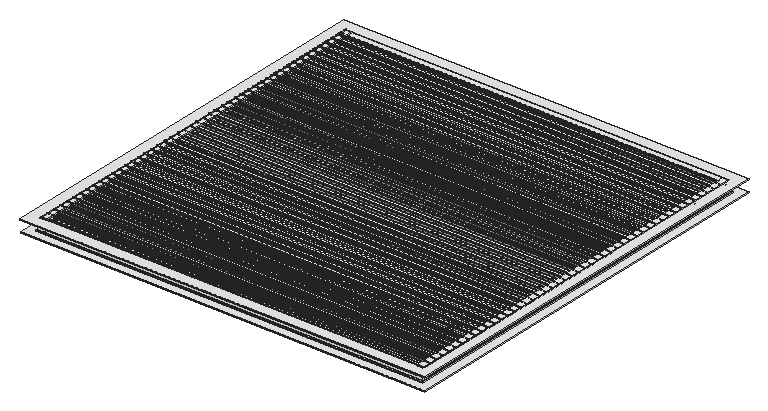
Revit family "NLRS_00_AIR_Muurrooster_ST-415_Storax", category Air Terminals, host Face, Revit 2023
Family settings
  Host = Face
  Round Connector Dimension = Use Diameter
  Part Type = Normal
  Cut with Voids When Loaded = No
  Shared = No
  Room Calculation Point = Yes
Parameters (values of type "ST-415-32")
  ZZZ_Width_Length [instance] = if(RSen_C_width = 0 mm, RSen_C_diameter, RSen_C_width)  # 1000 mm
  ZZZ_Symbol_wall width_Length [instance] = if(RSen_C_width = 0 mm, 1 mm, RSen_C_width)  # 1000 mm
  ZZZ_Symbol_wall depth_Length [instance] = if(RSen_C_depth = 0 mm, 1 mm, RSen_C_depth)  # 33.5 mm
  ZZZ_Symbol_ceiling width_Length [instance] = if(RSen_C_width = 0 mm, 1 mm, RSen_C_width)  # 1000 mm
  ZZZ_Symbol_ceiling height_Length [instance] = if(RSen_C_height = 0 mm, 1 mm, RSen_C_height)  # 1000 mm
  ZZZ_Recess depth_negative_Length = if(1 = 1, -ZZZ_Recess depth_Length, 1 mm)  # -29.5 mm
  ZZZ_Recess depth_Length = 29.5 mm
  ZZZ_Protrusion_Length = 0 mm  # constant formula
  ZZZ_Profile_width_Length [instance] = ZZZ_Width_Length - ZZZ_Flange_offset_Length * 2  # 947 mm
  ZZZ_Profile top_offset_Length = 73 mm
  ZZZ_Profile middle_offset_Length = 20 mm
  ZZZ_Profile middle_amount__Integer [instance] = if(ZZZ_Profile middle_amount_Integer < 2, 2, ZZZ_Profile middle_amount_Integer)  # 44
  ZZZ_Profile middle_amount_Integer [instance] = (ZZZ_Height_Length - ZZZ_Profile top_offset_Length - ZZZ_Profile middle_offset_Length - ZZZ_Flange_offset_Length) / ZZZ_Profile middle_offset_Length  # 44
  ZZZ_Profile bottom_minimum height_Length = 42 mm
  ZZZ_Profile bottom_height_Length [instance] = if((ZZZ_Height_Length - ZZZ_Profile top_offset_Length - ZZZ_Profile middle_offset_Length * ZZZ_Profile middle_amount_Integer - ZZZ_Flange_offset_Length) < ZZZ_Profile bottom_minimum height_Length, ZZZ_Profile bottom_minimum height_Length, ZZZ_Height_Length - ZZZ_Profile top_offset_Length - ZZZ_Profile middle_offset_Length * ZZZ_Profile middle_amount_Integer - ZZZ_Flange_offset_Length)  # 42 mm
  ZZZ_Mounting space_Length [instance] = 1 mm
  ZZZ_Louvre_insertion point_Length = 4.5 mm
  ZZZ_Louvre_insertion point negative_Length = if(1 = 1, -ZZZ_Louvre_insertion point_Length, 1 mm)  # -4.5 mm
  ZZZ_Height_Length [instance] = if(RSen_C_height = 0 mm, RSen_C_diameter, RSen_C_height)  # 1000 mm
  ZZZ_Half width negative_Length [instance] = if(RSen_C_width = 0 mm, -RSen_C_diameter / 2, -RSen_C_width / 2)  # -500 mm
  ZZZ_Half height negative_Length [instance] = if(RSen_C_height = 0 mm, -RSen_C_diameter / 2, -RSen_C_height / 2)  # -500 mm
  ZZZ_Flange_thickness__Length [instance] = if(ZZZ_Flange_thickness_Length < 1 mm, 1 mm, ZZZ_Flange_thickness_Length)  # 24 mm
  ZZZ_Flange_thickness_Length [instance] = 24 mm
  ZZZ_Flange_offset_Length = 26.5 mm
  ZZZ_Flange_FamilyType_Air Terminals = GEO_flange_renson 32 : standard
  ZZZ_Depth_Length = if(1 = 1, RSen_C_depth, 1 mm)  # 33.5 mm
  ZZZ_Depth negative_Length = if(1 = 1, -RSen_C_depth, 1 mm)  # -33.5 mm
  ZZZ_Cut out_width__Length [instance] = 958 mm
  ZZZ_Cut out_width_Length [instance] = if(STX_I Glazed in, RSen_C_width - STX_I Flange_height * 2, RSen_C_width + ZZZ_Mounting space_Length * 2)  # 958 mm
  ZZZ_Cut out_radius_Length [instance] = 1 mm
  ZZZ_Cut out_height__Length [instance] = 958 mm
  ZZZ_Cut out_height_Length [instance] = if(STX_I Glazed in, RSen_C_height - STX_I Flange_height * 2, RSen_C_height + ZZZ_Mounting space_Length * 2)  # 958 mm
  ZZZ_Cut out_diameter_Length [instance] = if(STX_I Glazed in, RSen_C_diameter - STX_I Flange_height * 2, RSen_C_diameter + ZZZ_Mounting space_Length * 2)  # -42 mm
  ZZZ_Cut out_depth_Length = 500 mm
  ZZZ_Cut out_depth negative_Length = -500 mm
  ZZZ_Backframe_depth_Length [instance] = if(abs(ZZZ_Backframe_Z coordinate_Length) < 28 mm, 27 mm, 54 mm)  # 27 mm
  ZZZ_Backframe_Z coordinate_Length [instance] = -4 mm
  ZZZ_Airflow_surface_Area [instance] = if(RSen_C_diameter < 1 mm, RSen_C_height * RSen_C_width, (pi() * RSen_C_diameter ^ 2) / 4)  # 1.00 m²
  ZZZ_Airflow_HVACAirflow = 1.0 m³/h  # constant formula
  Type IFC Predefined Type = "Grille"
  RSen_M_c01_flow_rate [instance] = if(STX_V Supply air, STX_I Airflow_intake by K factor, STX_I Airflow_discharge by K factor)  # 418.277 m³/h
  RSen_C_width [instance] = if(STX_V Width < STX_I Width_min, STX_I Width_min, if(STX_I Width_max < 1 mm, STX_V Width, if(STX_V Width > STX_I Width_max, STX_I Width_max, STX_V Width)))  # 1000 mm
  RSen_C_type_comments = "glazed-in louvre"
  RSen_C_type = "glazed-in louvre"
  RSen_C_model = "ST-415-32"
  RSen_C_material = RSen_h4_aluminum
  RSen_C_height [instance] = if(STX_V Height < STX_I Height_min, STX_I Height_min, if(STX_I Height_max < 1 mm, STX_V Height, if(STX_V Height > STX_I Height_max, STX_I Height_max, STX_V Height)))  # 1000 mm
  RSen_C_diameter [instance] = 0 mm
  RSen_C_description = "ST-415-32"
  RSen_C_depth = 33.5 mm
  RSen_C_code_gtin = "-"
  RSen_C_code_article = "ST-415-32"
  RSen_C_code_ETIM_URL = ""
  RSen_C_code_ETIM = "Overstroomrooster"  # constant formula
  RSen_C_code_CBNL = "Louvre"  # constant formula
  STX_W Fingerprint = "<RSen_C_length> x <RSen_C_height> mm"
  STX_V Width [instance] = 1000 mm
  STX_V Water channel [instance] = no
  STX_V Supply air = yes
  STX_V insect mesh [instance] = yes
  STX_V Mesh [instance] = NLRS_00_GM_Gaas_Storax : Insectengaas 2.3x2.3mm
  STX_V Air exhaust = not(STX_V Supply air)  # no
  STX_V Pressure drop [instance] = 1.0 Pa
  STX_V Height [instance] = 1000 mm
  STX_I Without flange_info = "no"
  STX_I Without flange = no
  STX_I Width_min = 130 mm
  STX_I Width_max = 4000 mm
  STX_I Water channel = yes
  STX_I U-value = "-"
  STX_I Sound reduction_Rw = "-"
  STX_I Sound reduction_Dw = "-"
  STX_I Size_maximum = "see price list"
  STX_I Size maximum_info [instance] = ""
  STX_I Removable insect mesh_info = "Min. dimensions: 190x190 mm; Max. dimensions: 1500x1200 mm"  # constant formula
  STX_I Removable insect mesh = yes
  STX_I Puncture proof = yes
  STX_I Glazed in = yes
  STX_I Flange_thickness = 24 mm
  STX_I Flange_thickness max = 32 mm
  STX_I Backframe = no
  STX_I Air flow [instance] = if(STX_V Supply air, "supply", "exhaust")  # "supply"
  STX_I Visual free area = 0.57
  STX_I Zichtbaar vrije opp. = 0.26
  STX_I Width with flange [instance] = if(STX_I Glazed in, ZZZ_Width_Length - STX_I Flange_height * 2, ZZZ_Width_Length + STX_I Flange_height * 2)  # 958 mm
  STX_I Material = "aluminiumAlMgSi0.5"
  STX_I K factor_intake = 123.46
  STX_I K factor_discharge = 118.15
  STX_I IP = "IP2XD"
  STX_I Height_min = 130 mm
  STX_I Height_max = 4000 mm
  STX_I G4 filter = yes
  STX_I Shape = "rectangular"
  STX_I Fire resistance = "-"
  STX_I Drainage profile = yes
  STX_I Diameter_min = 0 mm
  STX_I Diameter_max = 0 mm
  STX_I Depth_min = 0 mm
  STX_I Depth_max = 0 mm
  STX_I Control = "-"
  STX_I Ce coefficient_intake = 0.09
  STX_I Cd coefficient_discharge = 0.092
  STX_I Burglarproof_RC class = "-"
  STX_I Blade_type = "L.033.08"
  STX_I Blade_pitch = 33.3 mm
  STX_I Blade_shape = "S"
  STX_I Backframe_min wall thickness = 0 mm
  STX_I Backframe_max wall thickness = 0 mm
  STX_I Assembly = ""
  STX_I Colour = ""
  STX_I BaseKeynote = "57.10.90.1"  # constant formula
  STX_I Height with flange [instance] = if(STX_I Glazed in, ZZZ_Height_Length - STX_I Flange_height * 2, ZZZ_Height_Length + STX_I Flange_height * 2)  # 958 mm
  STX_I Airflow_intake by K factor [instance] = ((ZZZ_Airflow_surface_Area / 1.00 m²) * ((sqrt((2.0 Pa * STX_V Pressure drop) / (1.2 * STX_I K factor_intake))) / 1.0 Pa)) * 3600.0 m³/h  # 418.277 m³/h
  STX_I Airflow_discharge by K factor [instance] = ((ZZZ_Airflow_surface_Area / 1.00 m²) * ((sqrt((2.0 Pa * STX_V Pressure drop) / (1.2 * STX_I K factor_discharge))) / 1.0 Pa)) * 3600.0 m³/h  # 427.573 m³/h
  STX_I Flange_thickness min = 24 mm
  STX_I Flange_height = 21 mm
  URL = "https://www.storax.nl/producten/renson-ventilatieroosters/st-415-39/"
  Type Comments = RSen_C_type_comments  # "glazed-in louvre"
  Model = RSen_C_model  # "ST-415-32"
  Manufacturer = "Storax"  # constant formula
  IfcExportType = "Grille"  # constant formula
  IfcExportAs = "IfcAirTerminalType"  # constant formula
  Export Type to IFC As = "IfcAirTerminalType"
  Description = RSen_C_description  # "ST-415-32"
  Default Elevation = 1219.2 mm
  Based on = "Renson"  # constant formula
  Assembly Code = "57.10.90.1"
  Apparent Load = 0 VA
Reference planes
  plane 1 "Center (Front/Back)": y = 0
  plane 2: z = 0
  plane 3 "Center (Left/Right)": x = 0
  plane 4: y = 479
  plane 5: y = -479
  plane 6: x = -479
  plane 7: x = 479
  plane 8: x = -500
  plane 9: x = 500
  plane 10: y = -500
  plane 11: y = 500
  plane 12: z = 4
  plane 13: z = -29.5
  plane 14: x = 473.5
  plane 15: x = -473.5
  plane 16: y = 473.5
  plane 17: y = -473.5
  plane 18: y = 427
Forms (mm)
  Extrusion 1, solid, not visible, detail levels coarse
    sketch origin (-5, 0, 4) x (0, -1, 0) y (1, 0, 0)
      loop
        line (-500, -495) -> (500, -495) -> (500, 505) -> (-500, 505) -> (-500, -495)
    from 0 to -33.5 <- "ZZZ_Depth negative_Length"
Dimensions and locks
  equal spacing: plane 6, plane 3 "Center (Left/Right)", plane 7
  "STX_I Width with flange": plane 6 to plane 7
  equal spacing: plane 5, plane 1 "Center (Front/Back)", plane 4
  "STX_I Height with flange": plane 4 to plane 5
  equal spacing: plane 8, plane 3 "Center (Left/Right)", plane 9
  "ZZZ_Width_Length": plane 8 to plane 9
  equal spacing: plane 11, plane 1 "Center (Front/Back)", plane 10
  "ZZZ_Height_Length": plane 11 to plane 10
  "RSen_C_depth": plane 12 to plane 13
  "ZZZ_Recess depth_Length": host face to plane 13
  "ZZZ_Flange_offset_Length": plane 14 to plane 9
  "ZZZ_Flange_offset_Length": plane 8 to plane 15
  "ZZZ_Flange_offset_Length": plane 11 to plane 16
  "ZZZ_Flange_offset_Length": plane 17 to plane 10
  "ZZZ_Profile top_offset_Length": plane 11 to plane 18
  plane 9 to nested 3 = 26.5 mm
  plane 9 to plane 14 = 26.5 mm
  nested 5 to nested 1 = 0.05 mm
  aligned and locked: plane 2 to host face
  aligned and locked: level to host face
  aligned and locked: Extrusion 1 sketch curve to plane 10
  aligned and locked: Extrusion 1 sketch curve to plane 9
  aligned and locked: Extrusion 1 sketch curve to plane 11
  aligned and locked: Extrusion 1 sketch curve to plane 8
  aligned and locked: nested 2 to plane 3 "Center (Left/Right)"
  aligned and locked: nested 2 to plane 1 "Center (Front/Back)"
  aligned and locked: plane 3 "Center (Left/Right)" to nested 3
  aligned and locked: plane 1 "Center (Front/Back)" to nested 3
  aligned and locked: plane 3 "Center (Left/Right)" to nested 5
  aligned and locked: plane 1 "Center (Front/Back)" to nested 5
Automatic sketch dimensions
  host sketch curve to host sketch curve = 2438.4 mm  (x2)
Nested families
  nested 1: "GEO_flange_renson 32" at (0, 0, 4), type <- "ZZZ_Flange_FamilyType_Air Terminals", WT_V Flange_thickness <- "ZZZ_Flange_thickness__Length", REN_V Height <- "RSen_C_height", REN_V Depth <- "RSen_C_depth", REN_V Width <- "RSen_C_width", REN_V Diameter <- "RSen_C_diameter", REN_V Material_01 <- "RSen_C_material", type "standard"
    with WT_V Flange_thickness 24 mm, WT_H Width 1000 mm, WT_H Round no, WT_H Rectangular yes, WT_H Radius 2 mm, WT_H Inner width 920 mm, WT_H Inner radius_02 1 mm, WT_H Inner radius 1 mm, WT_H Inner height 920 mm, WT_H Height 1000 mm, WT_H Depth 33.5 mm, REN_V Width 1000 mm, REN_V Material_01 RSen_h4_aluminum, REN_V Height 1000 mm, REN_V Diameter 0 mm, REN_V Depth 33.5 mm
  nested 2: "NLRS_00_GM_Gaas_Storax" at (-500, 500, -53.8) x (0, -1, 0) z (1, 0, 0), Height <- "STX_V Width", Width <- "STX_V Height", visible <- "STX_V insect mesh", type <- "STX_V Mesh", type "Insectengaas 2.3x2.3mm"
    with Width 1000 mm, Offset_Gaas_Top_Sides 32 mm, Offset_Gaas_Bottom 32 mm, Height 1000 mm
  nested 3: "NLRS_00_GM_Stormrooster_Storax" at (111.1, 0, -11) x (1, 0, 0) z (0, 0, -1), Height <- "STX_V Height", Width <- "STX_V Width", materials <- "RSen_C_material", type "Type 1"
    with materials RSen_h4_aluminum, Width 1000 mm, Height 1000 mm, Offset Frame 26.5 mm
  nested 4: "GEO_louvre_renson V-lamellen" at (0, 0, 4), WT_H Profile top_offset <- "ZZZ_Profile top_offset_Length", WT_H Profile middle_offset <- "ZZZ_Profile middle_offset_Length", WT_H Profile bottom_minimum height <- "ZZZ_Profile bottom_minimum height_Length", REN_V Width <- "RSen_C_width", REN_V Height <- "RSen_C_height", REN_V Diameter <- "RSen_C_diameter", REN_H Flange_offset <- "ZZZ_Flange_offset_Length", REN_V Material_01 <- "RSen_C_material", type "standard"
    with WT_H Width 947 mm, WT_H Round no, WT_H Remaining height 3.2 mm, WT_H Rectangular yes, WT_H Radius 2 mm, WT_H R1 -26.5 mm, WT_H Profile top_offset 73 mm, WT_H Profile middle_single no, WT_H Profile middle_offset 20 mm, WT_H Profile middle_multiple yes, WT_H Profile middle_amount_ 47, WT_H Profile middle_amount 47, WT_H Profile bottom_minimum height 42 mm, WT_H Profile bottom_height 42 mm, WT_H L3 997 mm, WT_H L2 1050 mm, WT_H L1 10 mm, WT_H Height 1000 mm, WT_H Depth 78 mm, REN_V Width 1000 mm, REN_V Material_01 RSen_h4_aluminum, REN_V Height 1000 mm, REN_V Diameter 0 mm, REN_V Depth 78 mm, REN_H Flange_offset 26.5 mm
  nested 5: "water channel - SH_renson" at (0, 0, -29.5), REN_V Width <- "STX_V Width", REN_V Height <- "STX_V Height", REN_V Material_01 <- "RSen_C_material", visible <- "STX_V Water channel", type "water channel_renson"
    with ZZZ_Width_Length 946.8 mm, ZZZ_Round_YesNo no, ZZZ_Rectangular_YesNo yes, ZZZ_Radius_Length 2 mm, ZZZ_Height_Length 1000 mm, RSen_C_width 1000 mm, RSen_C_height 1000 mm, RSen_C_diameter 0 mm, REN_V Width 1000 mm, REN_V Material_01 RSen_h4_aluminum, REN_V Height 1000 mm, REN_V Diameter 0 mm, REN_V Depth 0 mm, REN_H Flange_offset 26.6 mm
Definition of nested family "GEO_flange_renson 32"
  Parameters (values of type "standard")
    WT_V Flange_thickness [instance] = 32 mm
    REN_V Material_01 [instance] = none
    REN_V Width [instance] = 200 mm
    REN_V Height [instance] = 200 mm
    WT_H Round [instance] = not(WT_H Rectangular)  # no
    WT_H Rectangular [instance] = and(REN_V Width > 0 mm, WT_H Height > 0 mm)  # yes
    WT_H Width [instance] = if(REN_V Width = 0 mm, 2 mm, REN_V Width)  # 200 mm
    REN_V Depth [instance] = 86.5 mm
    REN_V Diameter [instance] = 0 mm
    WT_V Flange_height = 40 mm
    WT_H Height [instance] = if(REN_V Height = 0 mm, 2 mm, REN_V Height)  # 200 mm
    WT_H Inner radius_02 [instance] = if(WT_H Inner radius - WT_V Flange_thickness < 1 mm, 1 mm, WT_H Inner radius - WT_V Flange_thickness)  # 1 mm
    WT_H Inner radius [instance] = if(WT_H Radius - WT_V Flange_height < 1 mm, 1 mm, WT_H Radius - WT_V Flange_height)  # 1 mm
    WT_H Inner width [instance] = if(WT_H Width - WT_V Flange_height * 2 < 1 mm, 1 mm, WT_H Width - WT_V Flange_height * 2)  # 120 mm
    WT_H Inner height [instance] = if(WT_H Height - WT_V Flange_height * 2 < 1 mm, 1 mm, WT_H Height - WT_V Flange_height * 2)  # 120 mm
    WT_H Radius [instance] = if(REN_V Diameter = 0 mm, 2 mm, REN_V Diameter / 2)  # 2 mm
    WT_H Depth [instance] = if(REN_V Depth = 0 mm, 1 mm, REN_V Depth)  # 86.5 mm
    Default Elevation = 2500 mm
  Reference planes
    plane 1 "Center (Front/Back)": y = 0
    plane 2: z = 0
    plane 3 "Center (Left/Right)": x = 0
    plane 4 "top": z = -86.5
    plane 5 "left": x = -60
    plane 6 "right": x = 60
    plane 7: x = -100
    plane 8: x = 100
    plane 9 "back": y = 60
    plane 10 "front": y = -60
    plane 11: y = 100
    plane 12: y = -100
    plane 13: z = -32
  Forms (mm)
    Extrusion 1, solid
      sketch origin (0, 0, 0) x (1, 0, 0) y (0, 1, 0)
        loop
          line (-1219.2, 1219.2) -> (-1219.2, -1219.2) -> (1219.2, -1219.2) -> (1219.2, 1219.2) -> (-1219.2, 1219.2)
      from 0 to -304.8
    Sweep 2, solid, material <- "REN_V Material_01"
      path origin (0, 0, 0) x (1, 0, 0) y (0, 1, 0)
        loop
          line (-100, 100) -> (-100, -100) -> (100, -100) -> (100, 100) -> (-100, 100)
      profile "PRF_profile - flange - gl - 1_renson : standaard" origin (0, 100, 0) x (0, 1, 0) y (0, 0, 1)
        loop
          line (-21, -5.5) -> (-21, -2) -> (0, -2) -> (0, 0) -> (-26.55, 0) -> (-26.55, -27) -> (-40.05, -27) -> (-40.05, -28.5) -> (-32.05, -28.5) -> (-32.05, -32)
          arc (-32.05, -32) -> (-30.55, -32.866) -> (-30.55, -31.134) r 1
          line (-30.55, -31.134) -> (-30.55, -28.5) -> (-26.55, -28.5) -> (-26.55, -33.5) -> (-24.55, -33.5) -> (-24.55, -32) -> (0, -32) -> (0, -30) -> (-21, -30) -> (-21, -26.5) -> (-22.5, -26.5) -> (-22.5, -30) -> (-24.55, -30) -> (-24.55, -2) -> (-22.5, -2) -> (-22.5, -5.5) -> (-21, -5.5)
  Dimensions and locks
    equal spacing: plane 7, plane 3 "Center (Left/Right)", plane 8
    "WT_H Width": plane 7 to plane 8
    equal spacing: plane 5 "left", plane 3 "Center (Left/Right)", plane 6 "right"
    "WT_H Inner width": plane 5 "left" to plane 6 "right"
    equal spacing: plane 11, plane 1 "Center (Front/Back)", plane 12
    equal spacing: plane 9 "back", plane 1 "Center (Front/Back)", plane 10 "front"
    "WT_H Height": plane 12 to plane 11
    "WT_H Inner height": plane 10 "front" to plane 9 "back"
    "WT_H Depth": level to plane 4 "top"
    aligned and locked: plane 2 to Extrusion 1
    aligned and locked: level to Extrusion 1
    aligned and locked: plane 11 to Sweep 2 sketch curve
    aligned and locked: Sweep 2 sketch curve to plane 12
    aligned and locked: Sweep 2 sketch curve to plane 8
    aligned and locked: plane 7 to Sweep 2 sketch curve
  Automatic sketch dimensions
    Extrusion 1 sketch curve to Extrusion 1 sketch curve = 2438.4 mm  (x2)
Definition of nested family "NLRS_00_GM_Gaas_Storax"
  Parameters (values of type "Leeg")
    Width [instance] = 1011.1 mm
    Offset_Gaas_Top_Sides [instance] = 5.5 mm
    Offset_Gaas_Bottom [instance] = 5.5 mm
    Muis/vogelwerend (6x6mm) = no
    Muis/vogelwerend (10x10mm) = no
    Insectengaas (2,3x2,3mm) = no
    Height [instance] = 1011.1 mm
    Type Comments = ""
    Default Elevation = 1219.2 mm
  Types (4, lengths in mm): name | Width | Offset_Gaas_Top_Sides | Muis/vogelwerend (6x6mm) | Muis/vogelwerend (10x10mm) | Insectengaas (2,3x2,3mm) | Height
    Insectengaas 2.3x2.3mm | 1011.1 | 5.5 | no | no | yes | 1011.1
    Muis/Vogelwerend 10x10mm | 1600 | 5.5 | no | yes | no | 1600
    Muis/vogelwerend 6x6mm | 1800 | 10 | yes | no | no | 1800
    Leeg | 1011.1 | 5.5 | no | no | no | 1011.1
  Reference planes
    plane 1 "Center (Front/Back)": y = 0
    plane 2 "Bottom": z = 0
    plane 3 "Left": x = 0
    plane 4 "Right": x = 1011.1
    plane 5: x = 505.55
    plane 6: z = 23.971
    plane 7: z = 23.971
    plane 8: z = 23.971
    plane 9: x = 5.5
    plane 10: x = 1005.6
    plane 11: z = 1011.1
    plane 12: z = 1005.6
    plane 13: z = 5.5
    plane 14: z = 505.55
  Forms (mm)
    Extrusion 1, solid, visible <- "Insectengaas (2,3x2,3mm)"
      sketch origin (0, 0, 0) x (1, 0, 0) y (0, 1, 0)
        loop
          line (5.5, -28.5) -> (5.5, -29.3) -> (1005.6, -29.3) -> (1005.6, -28.5) -> (5.5, -28.5)
      from 5.5 to 1005.6
    Extrusion 2, solid, visible <- "Muis/vogelwerend (10x10mm)"
      sketch origin (0, 0, 0) x (1, 0, 0) y (0, 1, 0)
        loop
          line (5.5, -28.5) -> (5.5, -29.3) -> (1005.6, -29.3) -> (1005.6, -28.5) -> (5.5, -28.5)
      from 5.5 to 1005.6
    Extrusion 3, solid, visible <- "Muis/vogelwerend (6x6mm)"
      sketch origin (0, 0, 0) x (1, 0, 0) y (0, 1, 0)
        loop
          line (5.5, -28.5) -> (5.5, -29.3) -> (1005.6, -29.3) -> (1005.6, -28.5) -> (5.5, -28.5)
      from 5.5 to 1005.6
  Dimensions and locks
    "Width": plane 4 "Right" to plane 3 "Left"
    equal spacing: plane 3 "Left", plane 5, plane 4 "Right"
    plane 4 "Right" to plane 3 "Left" = 1011.1 mm
    plane 3 "Left" to plane 9 = 5.5 mm
    plane 10 to plane 4 "Right" = 5.5 mm
    "Offset_Gaas_Top_Sides": plane 10 to plane 4 "Right"
    "Offset_Gaas_Top_Sides": plane 9 to plane 3 "Left"
    "Offset_Gaas_Top_Sides": plane 12 to plane 11
    "Offset_Gaas_Bottom": plane 13 to level
    plane 3 "Left" to plane 4 "Right" = 1011.1 mm
    "Height": plane 11 to level
    equal spacing: plane 11, plane 14, level
    aligned and locked: plane 10 to Extrusion 1 sketch curve
    aligned and locked: Extrusion 1 to plane 9
    aligned and locked: Extrusion 1 to plane 10
    aligned and locked: Extrusion 3 to plane 12
    aligned and locked: Extrusion 1 to plane 12
    aligned and locked: Extrusion 2 to plane 12
    aligned and locked: Extrusion 3 to plane 13
    aligned and locked: Extrusion 2 to plane 13
    aligned and locked: Extrusion 1 to plane 13
  Automatic sketch dimensions
    plane 1 "Center (Front/Back)" to Extrusion 1 sketch curve = 29.3 mm
    Extrusion 1 sketch curve to Extrusion 1 sketch curve = 0.8 mm
    plane 9 to Extrusion 1 sketch curve = 0 mm
    Extrusion 2 sketch curve to plane 9 = 0 mm
    Extrusion 2 sketch curve to plane 10 = 0 mm
    plane 1 "Center (Front/Back)" to Extrusion 2 sketch curve = 29.3 mm
    Extrusion 2 sketch curve to Extrusion 2 sketch curve = 0.8 mm
    Extrusion 3 sketch curve to plane 9 = 0 mm
    Extrusion 3 sketch curve to plane 10 = 0 mm
    plane 1 "Center (Front/Back)" to Extrusion 3 sketch curve = 29.3 mm
    Extrusion 3 sketch curve to Extrusion 3 sketch curve = 0.8 mm
  Nested families
    nested 1: "NLRS_00_GM_P-02015" at (600, -23.5, -9.315), type "Type 1", not visible
      with Width 1788.9 mm, Length 500 mm
    nested 2: "NLRS_00_GM_P-02016" at (600, -23.5, -9.315), type "Type 1", not visible
      with Width 1788.9 mm, Length 500 mm
    nested 3: "NLRS_00_GM_P-02016" at (900, -23.5, -9.315), type "Type 1", not visible
      with Width 1800 mm, Length 500 mm
  Definition of nested family "NLRS_00_GM_P-02015"
    Parameters (values of type "Type 1")
      Width [instance] = 900 mm
      Material and Finish = none
      Length [instance] = 500 mm
      Default Elevation = 0 mm
      Connector width = 232.51 mm
    Reference planes
      plane 1 "Center (Front/Back)": y = 0
      plane 2: z = 0
      plane 3 "Center (Left/Right)": x = 0
      plane 4: x = -450
      plane 5: x = 450
    Forms (mm)
      Sweep 1, solid
        path origin (0, 0, 0) x (1, 0, 0) y (0, 1, 0)
          loop
            line (450, 0) -> (-450, 0)
        profile "NLRS_00_PRF_P-02015 : NLRS_00_PRF_P-02015" origin (0, 0, 0) x (0, -1, 0) y (0, 0, 1)
          loop
            arc (-1.872, 30.263) -> (-1.366, 32.09) -> (-1.057, 33.961) r 17.9
            arc (-1.057, 33.961) -> (-0.275, 34.336) -> (0, 35.159) r 1.112
            line (0, 35.159) -> (0, 36.005)
            arc (0, 36.005) -> (-0.329, 36.747) -> (-1.1, 37) r 1
            line (-1.1, 37) -> (-1.1, 35.127) -> (-2.067, 35.127)
            arc (-2.067, 35.127) -> (-2.521, 31.978) -> (-3.561, 28.971) r 16.8
            arc (-3.561, 28.971) -> (-3.358, 28.683) -> (-3.087, 28.909) r 0.24
            arc (-3.087, 28.909) -> (-1.802, 29.095) -> (-1.1, 28.003) r 1.2
            line (-1.1, 28.003) -> (-1.1, 26.263)
            arc (-1.1, 26.263) -> (-1.22, 25.788) -> (-1.551, 25.427) r 1
            line (-1.551, 25.427) -> (-19.949, 13.333)
            arc (-19.949, 13.333) -> (-20.28, 12.972) -> (-20.4, 12.497) r 1
            line (-20.4, 12.497) -> (-20.4, 7.145) -> (-19.15, 7.145) -> (-19.15, 12.584) -> (-16.751, 13.947) -> (-16.751, 11.321)
            arc (-16.751, 11.321) -> (-15.216, 12.545) -> (-14.767, 14.456) r 3
            arc (-14.767, 14.456) -> (-14.629, 15.253) -> (-14.098, 15.862) r 1.5
            line (-14.098, 15.862) -> (-0.946, 24.508)
            arc (-0.946, 24.508) -> (-0.252, 25.266) -> (0, 26.263) r 2.1
            line (0, 26.263) -> (0, 28.003)
            arc (0, 28.003) -> (-0.529, 29.47) -> (-1.872, 30.263) r 2.3
    Dimensions and locks
      equal spacing: plane 5, plane 3 "Center (Left/Right)", plane 4
      "Width": plane 5 to plane 4
      aligned and locked: level to plane 2
      aligned and locked: plane 4 to Sweep 1 sketch curve
      aligned and locked: plane 5 to Sweep 1 sketch curve
    Automatic sketch dimensions
      plane 1 "Center (Front/Back)" to Sweep 1 sketch curve = 0 mm
  Definition of nested family "NLRS_00_GM_P-02016"
    Parameters (values of type "Type 1")
      Width [instance] = 900 mm
      Material and Finish = none
      Length [instance] = 500 mm
      Default Elevation = 0 mm
      Connector width = 232.51 mm
    Reference planes
      plane 1 "Center (Front/Back)": y = 0
      plane 2: z = 0
      plane 3 "Center (Left/Right)": x = 0
      plane 4: x = -450
      plane 5: x = 450
    Forms (mm)
      Sweep 1, solid
        path origin (0, 0, 0) x (1, 0, 0) y (0, 1, 0)
          loop
            line (450, 0) -> (-450, 0)
        profile "NLRS_00_PRF_P-02016 : NLRS_00_PRF_P-02016" origin (0, 0, 0) x (0, -1, 0) y (0, 0, 1)
          loop
            arc (-1.872, 30.263) -> (-1.366, 32.09) -> (-1.057, 33.961) r 17.9
            arc (-1.057, 33.961) -> (-0.275, 34.336) -> (0, 35.159) r 1.112
            line (0, 35.159) -> (0, 36.005)
            arc (0, 36.005) -> (-0.329, 36.747) -> (-1.1, 37) r 1
            line (-1.1, 37) -> (-1.1, 35.127) -> (-2.067, 35.127)
            arc (-2.067, 35.127) -> (-2.474, 32.178) -> (-3.395, 29.348) r 16.8
            arc (-3.395, 29.348) -> (-3.216, 28.913) -> (-2.784, 29.101) r 0.329
            arc (-2.784, 29.101) -> (-1.645, 29.008) -> (-1.1, 28.003) r 1.2
            line (-1.1, 28.003) -> (-1.1, 26.263)
            arc (-1.1, 26.263) -> (-1.22, 25.788) -> (-1.551, 25.427) r 1
            line (-1.551, 25.427) -> (-19.949, 13.333)
            arc (-19.949, 13.333) -> (-20.28, 12.972) -> (-20.4, 12.497) r 1
            line (-20.4, 12.497) -> (-20.4, -0.914) -> (-19.407, -1.488) -> (-19.407, -12.499) -> (-18.802, -11.894) -> (-18.033, -10.244)
            arc (-18.033, -10.244) -> (-17.965, -9.797) -> (-18.15, -9.385) r 0.8
            line (-18.15, -9.385) -> (-18.15, -1.289)
            arc (-18.15, -1.289) -> (-18.443, -0.582) -> (-19.15, -0.289) r 1
            line (-19.15, -0.289) -> (-19.15, 12.584) -> (-16.751, 13.947) -> (-16.751, 11.321)
            arc (-16.751, 11.321) -> (-15.216, 12.545) -> (-14.767, 14.456) r 3
            arc (-14.767, 14.456) -> (-14.629, 15.253) -> (-14.098, 15.862) r 1.5
            line (-14.098, 15.862) -> (-0.946, 24.508)
            arc (-0.946, 24.508) -> (-0.252, 25.266) -> (0, 26.263) r 2.1
            line (0, 26.263) -> (0, 28.003)
            arc (0, 28.003) -> (-0.529, 29.47) -> (-1.872, 30.263) r 2.3
    Dimensions and locks
      equal spacing: plane 5, plane 3 "Center (Left/Right)", plane 4
      "Width": plane 5 to plane 4
      aligned and locked: level to plane 2
      aligned and locked: plane 4 to Sweep 1 sketch curve
      aligned and locked: plane 5 to Sweep 1 sketch curve
    Automatic sketch dimensions
      plane 1 "Center (Front/Back)" to Sweep 1 sketch curve = 0 mm
Definition of nested family "NLRS_00_GM_Stormrooster_Storax"
  Parameters (values of type "Type 1")
    materials [instance] = none
    Width [instance] = 1000 mm
    Offset Frame = 5.5 mm
    Height [instance] = 1000 mm
    Type Comments = ""
    Default Elevation = 1219.2 mm
  Reference planes
    plane 1 "Center (Front/Back)": y = 0
    plane 2 "Bottom": z = 0
    plane 3 "Left": x = -111.1
    plane 4: y = 500
    plane 5: y = -500
    plane 6: x = -611.1
    plane 7: x = 388.9
    plane 8: x = 383.4
    plane 9: y = 494.5
    plane 10: x = -605.6
    plane 11: y = -494.5
    plane 12: x = 238.9
  Forms (mm)
    Sweep 1, solid, material <- "materials"
      path origin (0, 0, 0) x (1, 0, 0) y (0, 1, 0)
        loop
          line (-605.6, -494.5) -> (-605.6, 494.5)
      profile "PRF_profile Hoeklijn : Type 1" origin (-605.6, 0, 0) x (-1, 0, 0) y (0, 0, 1)
        loop
          line (0, -15) -> (0, 0) -> (-1.5, 0) -> (-1.5, -13.5) -> (-15, -13.5) -> (-15, -15) -> (0, -15)
    Sweep 2, solid, material <- "materials"
      path origin (-222.2, 0, 0) x (-1, 0, 0) y (0, -1, 0)
        loop
          line (-605.6, 494.5) -> (-605.6, -494.5)
      profile "PRF_profile Hoeklijn : Type 1" origin (383.4, 0, 0) x (-1, 0, 0) y (0, 0, 1)
        loop
          line (0, -15) -> (15, -15) -> (15, -13.5) -> (1.5, -13.5) -> (1.5, 0) -> (0, 0) -> (0, -15)
  Dimensions and locks
    equal spacing: plane 4, plane 1 "Center (Front/Back)", plane 5
    "Height": plane 4 to plane 5
    "Width": plane 6 to plane 7
    equal spacing: plane 6, plane 3 "Left", plane 7
    "Offset Frame": plane 6 to plane 10
    "Offset Frame": plane 11 to plane 5
    "Offset Frame": plane 8 to plane 7
    "Offset Frame": plane 4 to plane 9
    plane 12 to plane 7 = 150 mm
    aligned and locked: Sweep 1 to plane 10
    aligned and locked: Sweep 2 to plane 8
  Automatic sketch dimensions
    Sweep 1 sketch curve to plane 9 = 0 mm
    Sweep 1 sketch curve to plane 10 = 0 mm
    Sweep 1 sketch curve to plane 11 = 0 mm
    Sweep 2 sketch curve to plane 8 = 0 mm
    Sweep 2 sketch curve to plane 9 = 0 mm
    Sweep 2 sketch curve to plane 11 = 0 mm
  Nested families
    nested 1: "NLRS_21_GM_Muuranker" at (-361.1, 481.5, 0) x (1, 0, 0) z (0, 0, -1), type "Muuranker nr. 1428", not visible
      with void 20 mm, breedte 15 mm
  Definition of nested family "NLRS_21_GM_Muuranker"
    Parameters (values of type "Muuranker nr.429")
      void [instance] = if(breedte = 34 mm, 0 mm, 20 mm)  # 20 mm
      breedte [instance] = 15 mm  # constant formula
      Muuranker nr.418 = no
      Muuranker nr. 429 = yes
      Muuranker nr. 1428 = no
      Material = none
      Default Elevation = 1219.2 mm
    Types (4, lengths in mm): name | Muuranker nr.418 | Muuranker nr. 429 | Muuranker nr. 1428
      Muuranker nr.418 | yes | no | no
      Muuranker nr. 1428 | no | no | yes
      Muuranker nr.429 | no | yes | no
      Type 1 | no | yes | no
    Reference planes
      plane 1 "Center (Front/Back)": y = 0
      plane 2: z = 0
      plane 3 "Center (Left/Right)": x = 0
      plane 4: x = -7.5
      plane 5: x = 7.5
    Forms (mm)
      Sweep 1, solid, material <- "Material", visible <- "Muuranker nr.418"
        path origin (0, 4, 0) x (1, 0, 0) y (0, 1, 0)
          loop
            line (-7.5, 0) -> (7.5, 0)
        profile "Profiel_Muuranker nr. 418 : Profiel_Bevestiging ST-050-W Rooster" origin (0, 4, 0) x (0, 1, 0) y (0, 0, 1)
          loop
            line (0, 159) -> (0, 22.142) -> (-1.361, 23.407)
            arc (-1.361, 23.407) -> (-1.833, 24.073) -> (-2, 24.872) r 2
            line (-2, 24.872) -> (-2, 28) -> (-4, 28) -> (-4, 24.872)
            arc (-4, 24.872) -> (-3.667, 23.273) -> (-2.723, 21.941) r 4
            line (-2.723, 21.941) -> (-0.319, 19.708)
            arc (-0.319, 19.708) -> (-0.083, 19.375) -> (0, 18.976) r 1
            line (0, 18.976) -> (0, 14.708) -> (-3.4, 9.467)
            arc (-3.4, 9.467) -> (-3.846, 8.615) -> (-4, 7.667) r 3
            line (-4, 7.667) -> (-4, 0) -> (-2, 0) -> (-2, 7.958) -> (1.4, 13.2)
            arc (1.4, 13.2) -> (1.846, 14.051) -> (2, 15) r 3
            line (2, 15) -> (2, 159) -> (0, 159)
      Extrusion 2, void
        sketch origin (-7.5, 4, 22.142) x (-1, 0, 0) y (0, 0, 1)
          loop
            line (-10.5, 118.858) -> (-10.5, 112.858)
            arc (-10.5, 112.858) -> (-7.5, 109.858) -> (-4.5, 112.858) r 3
            line (-4.5, 112.858) -> (-4.5, 118.858)
            arc (-4.5, 118.858) -> (-7.5, 121.858) -> (-10.5, 118.858) r 3
        from -5 to 5
      Sweep 3, solid, material <- "Material", visible <- "Muuranker nr. 429"
        path origin (0, 4, 0) x (1, 0, 0) y (0, 1, 0)
          loop
            line (-7.5, 0) -> (7.5, 0)
        profile "Profiel_Muuranker nr. 429 : Profiel_Bevestiging ST-050-W Rooster" origin (0, 4, 0) x (0, 1, 0) y (0, 0, 1)
          loop
            line (0, 220) -> (0, 53.118) -> (-2, 56.583) -> (-2, 59.8) -> (-4, 59.8) -> (-4, 57.386)
            arc (-4, 57.386) -> (-3.83, 56.092) -> (-3.33, 54.886) r 5
            line (-3.33, 54.886) -> (-0.268, 49.583)
            arc (-0.268, 49.583) -> (-0.068, 49.1) -> (0, 48.583) r 2
            line (0, 48.583) -> (0, 19.897)
            arc (0, 19.897) -> (-0.068, 19.379) -> (-0.268, 18.897) r 2
            line (-0.268, 18.897) -> (-3.33, 13.593)
            arc (-3.33, 13.593) -> (-3.83, 12.387) -> (-4, 11.093) r 5
            line (-4, 11.093) -> (-4, 0) -> (-2, 0) -> (-2, 11.361)
            arc (-2, 11.361) -> (-1.932, 11.879) -> (-1.732, 12.361) r 2
            line (-1.732, 12.361) -> (1.33, 17.665)
            arc (1.33, 17.665) -> (1.83, 18.871) -> (2, 20.165) r 5
            line (2, 20.165) -> (2, 220) -> (0, 220)
      Sweep 4, solid, material <- "Material", visible <- "Muuranker nr. 1428"
        path origin (0, 4, 0) x (1, 0, 0) y (0, 1, 0)
          loop
            line (-7.5, 0) -> (7.5, 0)
        profile "Profiel_Muuranker nr. 1428 : Profiel_Bevestiging ST-050-W Rooster" origin (0, 4, 0) x (0, 1, 0) y (0, 0, 1)
          loop
            line (0, 220) -> (0, 27.861) -> (-2, 31.325) -> (-2, 42) -> (-4, 42) -> (-4, 32.129)
            arc (-4, 32.129) -> (-3.83, 30.835) -> (-3.33, 29.629) r 5
            line (-3.33, 29.629) -> (-0.268, 24.325)
            arc (-0.268, 24.325) -> (-0.068, 23.843) -> (0, 23.325) r 2
            line (0, 23.325) -> (0, 19.897)
            arc (0, 19.897) -> (-0.068, 19.379) -> (-0.268, 18.897) r 2
            line (-0.268, 18.897) -> (-3.33, 13.593)
            arc (-3.33, 13.593) -> (-3.83, 12.387) -> (-4, 11.093) r 5
            line (-4, 11.093) -> (-4, 0) -> (-2, 0) -> (-2, 11.361)
            arc (-2, 11.361) -> (-1.932, 11.879) -> (-1.732, 12.361) r 2
            line (-1.732, 12.361) -> (1.33, 17.665)
            arc (1.33, 17.665) -> (1.83, 18.871) -> (2, 20.165) r 5
            line (2, 20.165) -> (2, 220) -> (0, 220)
      Extrusion 5, void
        sketch origin (-7.5, 4, 86.142) x (-1, 0, 0) y (0, 0, 1)
          loop
            line (-10.5, 118.858) -> (-10.5, 112.858)
            arc (-10.5, 112.858) -> (-7.5, 109.858) -> (-4.5, 112.858) r 3
            line (-4.5, 112.858) -> (-4.5, 118.858)
            arc (-4.5, 118.858) -> (-7.5, 121.858) -> (-10.5, 118.858) r 3
        from -5 to 5
      Extrusion 6, void
        sketch origin (-7.5, 4, 54.142) x (-1, 0, 0) y (0, 0, 1)
          loop
            line (-10.5, 118.858) -> (-10.5, 112.858)
            arc (-10.5, 112.858) -> (-7.5, 109.858) -> (-4.5, 112.858) r 3
            line (-4.5, 112.858) -> (-4.5, 118.858)
            arc (-4.5, 118.858) -> (-7.5, 121.858) -> (-10.5, 118.858) r 3
        from -5 to 5
      Extrusion 7, void
        sketch origin (-7.5, 4, 22.142) x (-1, 0, 0) y (0, 0, 1)
          loop
            line (-10.5, 118.858) -> (-10.5, 112.858)
            arc (-10.5, 112.858) -> (-7.5, 109.858) -> (-4.5, 112.858) r 3
            line (-4.5, 112.858) -> (-4.5, 118.858)
            arc (-4.5, 118.858) -> (-7.5, 121.858) -> (-10.5, 118.858) r 3
        from -5 to 5
      Extrusion 8, void
        sketch origin (-7.5, 4, -9.858) x (-1, 0, 0) y (0, 0, 1)
          loop
            line (-10.5, 118.858) -> (-10.5, 112.858)
            arc (-10.5, 112.858) -> (-7.5, 109.858) -> (-4.5, 112.858) r 3
            line (-4.5, 112.858) -> (-4.5, 118.858)
            arc (-4.5, 118.858) -> (-7.5, 121.858) -> (-10.5, 118.858) r 3
        from -5 to 5
    Cuts and joins
      Extrusion 2, Extrusion 5, Extrusion 8 cuts Sweep 1
      Extrusion 5, Extrusion 6, Extrusion 7, Extrusion 8 cuts Sweep 3
      Extrusion 5, Extrusion 6, Extrusion 7, Extrusion 8 cuts Sweep 4
    Dimensions and locks
      equal spacing: plane 4, plane 3 "Center (Left/Right)", plane 5
      "breedte": plane 4 to plane 5
      cut or joined group of Sweep 3, Extrusion 5, Extrusion 6, Extrusion 7, Extrusion 8 to cut or joined group of Sweep 3, Extrusion 5, Extrusion 6, Extrusion 7, Extrusion 8 = 12 mm
      aligned and locked: level to plane 2
      aligned and locked: plane 1 "Center (Front/Back)" to cut or joined group of Sweep 3, Extrusion 5, Extrusion 6, Extrusion 7, Extrusion 8
      aligned and locked: plane 1 "Center (Front/Back)" to cut or joined group of Sweep 4, Extrusion 5, Extrusion 6, Extrusion 7, Extrusion 8
      aligned and locked: plane 1 "Center (Front/Back)" to cut or joined group of Sweep 1, Extrusion 2, Extrusion 5, Extrusion 8
    Automatic sketch dimensions
      Sweep 1 sketch curve to plane 1 "Center (Front/Back)" = 4 mm
      Sweep 1 sketch curve to plane 4 = 0 mm
      Sweep 1 sketch curve to plane 5 = 0 mm
      Extrusion 2 sketch curve to Sweep 1 = 4.5 mm
      Extrusion 2 sketch curve to Extrusion 2 sketch curve = 3 mm
      Sweep 1 to Extrusion 2 sketch curve = 24 mm
      Extrusion 2 sketch curve to Extrusion 2 sketch curve = 6 mm
      Sweep 3 sketch curve to plane 1 "Center (Front/Back)" = 4 mm
      Sweep 3 sketch curve to plane 4 = 0 mm
      Sweep 3 sketch curve to plane 5 = 0 mm
      Sweep 4 sketch curve to plane 1 "Center (Front/Back)" = 4 mm
      Sweep 4 sketch curve to plane 4 = 0 mm
      Sweep 4 sketch curve to plane 5 = 0 mm
      Extrusion 5 sketch curve to Sweep 1 = 4.5 mm
      Extrusion 5 sketch curve to Extrusion 5 sketch curve = 3 mm
      Extrusion 5 sketch curve to Sweep 1 = 40 mm
      Extrusion 5 sketch curve to Extrusion 5 sketch curve = 6 mm
      Extrusion 6 sketch curve to Sweep 1 = 4.5 mm
      Extrusion 6 sketch curve to Extrusion 6 sketch curve = 3 mm
      Extrusion 6 sketch curve to Sweep 1 = 8 mm
      Extrusion 6 sketch curve to Extrusion 6 sketch curve = 6 mm
      Extrusion 7 sketch curve to Sweep 1 = 4.5 mm
      Extrusion 7 sketch curve to Extrusion 7 sketch curve = 3 mm
      Sweep 1 to Extrusion 7 sketch curve = 24 mm
      Extrusion 7 sketch curve to Extrusion 7 sketch curve = 6 mm
      Extrusion 8 sketch curve to Sweep 1 = 4.5 mm
      Extrusion 8 sketch curve to Extrusion 8 sketch curve = 3 mm
      Sweep 1 to Extrusion 8 sketch curve = 56 mm
      Extrusion 8 sketch curve to Extrusion 8 sketch curve = 6 mm
Definition of nested family "GEO_louvre_renson V-lamellen"
  Parameters (values of type "standard")
    WT_H Remaining height [instance] = (WT_H Height - (WT_H Profile middle_amount * WT_H Profile middle_offset) - (2 * REN_H Flange_offset) - 0.6 mm) / 2  # 4.7 mm
    WT_H R1 [instance] = if(1 = 1, REN_V Diameter / 2 - REN_H Flange_offset, 1 mm)  # -10 mm
    WT_H Profile middle_multiple [instance] = WT_H Profile middle_amount > 1  # yes
    WT_H Profile top_offset [instance] = 81 mm
    WT_H Profile middle_single [instance] = and(WT_H Height - WT_H Profile top_offset - WT_H Profile middle_offset - REN_H Flange_offset + 15 mm > WT_H Profile middle_offset, WT_H Profile middle_amount < 2)  # no
    WT_H Profile middle_offset [instance] = 20 mm
    REN_V Material_01 [instance] = none
    REN_V Width [instance] = 1000 mm
    REN_V Height [instance] = 1150 mm
    WT_H Profile middle_amount_ [instance] = if(WT_H Profile middle_amount < 2, 2, WT_H Profile middle_amount)  # 56
    WT_H Profile middle_amount [instance] = rounddown((WT_H Height - REN_H Flange_offset - REN_H Flange_offset) / WT_H Profile middle_offset)  # 56
    WT_H Profile bottom_height [instance] = if((WT_H Height - WT_H Profile top_offset - WT_H Profile middle_offset * WT_H Profile middle_amount - REN_H Flange_offset) < WT_H Profile bottom_minimum height, WT_H Profile bottom_minimum height, WT_H Height - WT_H Profile top_offset - WT_H Profile middle_offset * WT_H Profile middle_amount - REN_H Flange_offset)  # 39 mm
    WT_H L3 [instance] = WT_H Width + 50 mm  # 1030 mm
    WT_H L2 [instance] = WT_H Height + 50 mm  # 1200 mm
    WT_H L1 [instance] = if(or(REN_V Width = 0 mm, REN_V Height = 0 mm), -REN_V Depth - 10 mm, 10 mm)  # 10 mm
    REN_H Flange_offset [instance] = 10 mm
    WT_H Round [instance] = not(WT_H Rectangular)  # no
    WT_H Rectangular [instance] = and(REN_V Width > 0 mm, WT_H Height > 0 mm)  # yes
    WT_H Width [instance] = if(REN_V Width = 0 mm, REN_V Diameter - REN_H Flange_offset * 2, REN_V Width - REN_H Flange_offset * 2)  # 980 mm
    REN_V Depth [instance] = 78 mm
    REN_V Diameter [instance] = 0 mm
    WT_H Profile bottom_minimum height [instance] = 39 mm
    WT_H Height [instance] = if(REN_V Height = 0 mm, REN_V Diameter, REN_V Height)  # 1150 mm
    WT_H Radius [instance] = if(REN_V Diameter = 0 mm, 2 mm, REN_V Diameter / 2)  # 2 mm
    WT_H Depth [instance] = if(REN_V Depth = 0 mm, 1 mm, REN_V Depth)  # 78 mm
    Default Elevation = 2500 mm
  Reference planes
    plane 1 "Center (Front/Back)": y = 0
    plane 2: z = 0
    plane 3 "Center (Left/Right)": x = 0
    plane 4 "top": z = -78
    plane 5: x = -490
    plane 6: x = 490
    plane 7: y = 575
    plane 8: y = -575
    plane 9: y = 565
    plane 10: y = -565
    plane 11: y = 560.3
    plane 12: y = 540.3
    plane 13: y = 520.3
    plane 14: y = 500.3
    plane 15: y = 480.3
    plane 16: y = 460.3
    plane 17: y = 440.3
    plane 18: y = 420.3
    plane 19: y = 400.3
    plane 20: y = 380.3
    plane 21: y = 360.3
    plane 22: y = 340.3
    plane 23: y = 320.3
    plane 24: y = 300.3
    plane 25: y = 280.3
    plane 26: y = 260.3
    plane 27: y = 240.3
    plane 28: y = 220.3
    plane 29: y = 200.3
    plane 30: y = 180.3
    plane 31: y = 160.3
    plane 32: y = 140.3
    plane 33: y = 120.3
    plane 34: y = 100.3
    plane 35: y = 80.3
    plane 36: y = 60.3
    plane 37: y = 40.3
    plane 38: y = 20.3
    plane 39: y = 0.3
    plane 40: y = -19.7
    plane 41: y = -39.7
    plane 42: y = -59.7
    plane 43: y = -79.7
    plane 44: y = -99.7
    plane 45: y = -119.7
    plane 46: y = -139.7
    plane 47: y = -159.7
    plane 48: y = -179.7
    plane 49: y = -199.7
    plane 50: y = -219.7
    plane 51: y = -239.7
    plane 52: y = -259.7
    plane 53: y = -279.7
    plane 54: y = -299.7
    plane 55: y = -319.7
    plane 56: y = -339.7
    plane 57: y = -359.7
    plane 58: y = -379.7
    plane 59: y = -399.7
    plane 60: y = -419.7
    plane 61: y = -439.7
    plane 62: y = -459.7
    plane 63: y = -479.7
    plane 64: y = -499.7
    plane 65: y = -519.7
    plane 66: y = -539.7
  Forms (mm)
    Extrusion 1, solid
      sketch origin (0, 0, 0) x (1, 0, 0) y (0, 1, 0)
        loop
          line (-1219.2, 1219.2) -> (-1219.2, -1219.2) -> (1219.2, -1219.2) -> (1219.2, 1219.2) -> (-1219.2, 1219.2)
      from 0 to -304.8
    Sweep 2, solid, material <- "REN_V Material_01"
      path origin (0, 50.3, 0) x (1, 0, 0) y (0, 1, 0)
        loop
          line (-490, 510) -> (490, 510)
      profile "PRF_profile - middle_renson : standaard" origin (0, 560.3, 0) x (0, 1, 0) y (0, 0, 1)
        loop
          arc (-9.319, -10.79) -> (-6.001, -12.5) -> (-9.319, -14.21) r 2.1
          arc (-9.319, -14.21) -> (-10.098, -14.025) -> (-10.819, -14.37) r 1.201
          line (-10.819, -14.37) -> (-20.425, -23.976)
          arc (-20.425, -23.976) -> (-20.425, -24.824) -> (-19.576, -24.824) r 0.6
          line (-19.576, -24.824) -> (-10.476, -15.724)
          arc (-10.476, -15.724) -> (-9.966, -15.469) -> (-9.398, -15.534) r 1.001
          arc (-9.398, -15.534) -> (-6.542, -15.409) -> (-4.856, -13.101) r 3.3
          line (-4.856, -13.101) -> (0, -13.101) -> (0, -11.9) -> (-4.856, -11.9)
          arc (-4.856, -11.9) -> (-6.542, -9.591) -> (-9.398, -9.466) r 3.3
          arc (-9.398, -9.466) -> (-9.966, -9.531) -> (-10.476, -9.276) r 1.001
          line (-10.476, -9.276) -> (-19.576, -0.176)
          arc (-19.576, -0.176) -> (-20.425, -0.176) -> (-20.425, -1.024) r 0.6
          line (-20.425, -1.024) -> (-10.819, -10.63)
          arc (-10.819, -10.63) -> (-10.098, -10.975) -> (-9.319, -10.79) r 1.201
    Sweep 3, solid, material <- "REN_V Material_01"
      path origin (0, 30.3, 0) x (1, 0, 0) y (0, 1, 0)
        loop
          line (-490, 510) -> (490, 510)
      profile "PRF_profile - middle_renson : standaard" origin (0, 540.3, 0) x (0, 1, 0) y (0, 0, 1)
        loop
          arc (-9.319, -10.79) -> (-6.001, -12.5) -> (-9.319, -14.21) r 2.1
          arc (-9.319, -14.21) -> (-10.098, -14.025) -> (-10.819, -14.37) r 1.201
          line (-10.819, -14.37) -> (-20.425, -23.976)
          arc (-20.425, -23.976) -> (-20.425, -24.824) -> (-19.576, -24.824) r 0.6
          line (-19.576, -24.824) -> (-10.476, -15.724)
          arc (-10.476, -15.724) -> (-9.966, -15.469) -> (-9.398, -15.534) r 1.001
          arc (-9.398, -15.534) -> (-6.542, -15.409) -> (-4.856, -13.101) r 3.3
          line (-4.856, -13.101) -> (0, -13.101) -> (0, -11.9) -> (-4.856, -11.9)
          arc (-4.856, -11.9) -> (-6.542, -9.591) -> (-9.398, -9.466) r 3.3
          arc (-9.398, -9.466) -> (-9.966, -9.531) -> (-10.476, -9.276) r 1.001
          line (-10.476, -9.276) -> (-19.576, -0.176)
          arc (-19.576, -0.176) -> (-20.425, -0.176) -> (-20.425, -1.024) r 0.6
          line (-20.425, -1.024) -> (-10.819, -10.63)
          arc (-10.819, -10.63) -> (-10.098, -10.975) -> (-9.319, -10.79) r 1.201
    Sweep 4, solid, material <- "REN_V Material_01"
      path origin (0, 10.3, 0) x (1, 0, 0) y (0, 1, 0)
        loop
          line (-490, 510) -> (490, 510)
      profile "PRF_profile - middle_renson : standaard" origin (0, 520.3, 0) x (0, 1, 0) y (0, 0, 1)
        loop
          arc (-9.319, -10.79) -> (-6.001, -12.5) -> (-9.319, -14.21) r 2.1
          arc (-9.319, -14.21) -> (-10.098, -14.025) -> (-10.819, -14.37) r 1.201
          line (-10.819, -14.37) -> (-20.425, -23.976)
          arc (-20.425, -23.976) -> (-20.425, -24.824) -> (-19.576, -24.824) r 0.6
          line (-19.576, -24.824) -> (-10.476, -15.724)
          arc (-10.476, -15.724) -> (-9.966, -15.469) -> (-9.398, -15.534) r 1.001
          arc (-9.398, -15.534) -> (-6.542, -15.409) -> (-4.856, -13.101) r 3.3
          line (-4.856, -13.101) -> (0, -13.101) -> (0, -11.9) -> (-4.856, -11.9)
          arc (-4.856, -11.9) -> (-6.542, -9.591) -> (-9.398, -9.466) r 3.3
          arc (-9.398, -9.466) -> (-9.966, -9.531) -> (-10.476, -9.276) r 1.001
          line (-10.476, -9.276) -> (-19.576, -0.176)
          arc (-19.576, -0.176) -> (-20.425, -0.176) -> (-20.425, -1.024) r 0.6
          line (-20.425, -1.024) -> (-10.819, -10.63)
          arc (-10.819, -10.63) -> (-10.098, -10.975) -> (-9.319, -10.79) r 1.201
    Sweep 5, solid, material <- "REN_V Material_01"
      path origin (0, -9.7, 0) x (1, 0, 0) y (0, 1, 0)
        loop
          line (-490, 510) -> (490, 510)
      profile "PRF_profile - middle_renson : standaard" origin (0, 500.3, 0) x (0, 1, 0) y (0, 0, 1)
        loop
          arc (-9.319, -10.79) -> (-6.001, -12.5) -> (-9.319, -14.21) r 2.1
          arc (-9.319, -14.21) -> (-10.098, -14.025) -> (-10.819, -14.37) r 1.201
          line (-10.819, -14.37) -> (-20.425, -23.976)
          arc (-20.425, -23.976) -> (-20.425, -24.824) -> (-19.576, -24.824) r 0.6
          line (-19.576, -24.824) -> (-10.476, -15.724)
          arc (-10.476, -15.724) -> (-9.966, -15.469) -> (-9.398, -15.534) r 1.001
          arc (-9.398, -15.534) -> (-6.542, -15.409) -> (-4.856, -13.101) r 3.3
          line (-4.856, -13.101) -> (0, -13.101) -> (0, -11.9) -> (-4.856, -11.9)
          arc (-4.856, -11.9) -> (-6.542, -9.591) -> (-9.398, -9.466) r 3.3
          arc (-9.398, -9.466) -> (-9.966, -9.531) -> (-10.476, -9.276) r 1.001
          line (-10.476, -9.276) -> (-19.576, -0.176)
          arc (-19.576, -0.176) -> (-20.425, -0.176) -> (-20.425, -1.024) r 0.6
          line (-20.425, -1.024) -> (-10.819, -10.63)
          arc (-10.819, -10.63) -> (-10.098, -10.975) -> (-9.319, -10.79) r 1.201
    Sweep 6, solid, material <- "REN_V Material_01"
      path origin (0, -29.7, 0) x (1, 0, 0) y (0, 1, 0)
        loop
          line (-490, 510) -> (490, 510)
      profile "PRF_profile - middle_renson : standaard" origin (0, 480.3, 0) x (0, 1, 0) y (0, 0, 1)
        loop
          arc (-9.319, -10.79) -> (-6.001, -12.5) -> (-9.319, -14.21) r 2.1
          arc (-9.319, -14.21) -> (-10.098, -14.025) -> (-10.819, -14.37) r 1.201
          line (-10.819, -14.37) -> (-20.425, -23.976)
          arc (-20.425, -23.976) -> (-20.425, -24.824) -> (-19.576, -24.824) r 0.6
          line (-19.576, -24.824) -> (-10.476, -15.724)
          arc (-10.476, -15.724) -> (-9.966, -15.469) -> (-9.398, -15.534) r 1.001
          arc (-9.398, -15.534) -> (-6.542, -15.409) -> (-4.856, -13.101) r 3.3
          line (-4.856, -13.101) -> (0, -13.101) -> (0, -11.9) -> (-4.856, -11.9)
          arc (-4.856, -11.9) -> (-6.542, -9.591) -> (-9.398, -9.466) r 3.3
          arc (-9.398, -9.466) -> (-9.966, -9.531) -> (-10.476, -9.276) r 1.001
          line (-10.476, -9.276) -> (-19.576, -0.176)
          arc (-19.576, -0.176) -> (-20.425, -0.176) -> (-20.425, -1.024) r 0.6
          line (-20.425, -1.024) -> (-10.819, -10.63)
          arc (-10.819, -10.63) -> (-10.098, -10.975) -> (-9.319, -10.79) r 1.201
    Sweep 7, solid, material <- "REN_V Material_01"
      path origin (0, -49.7, 0) x (1, 0, 0) y (0, 1, 0)
        loop
          line (-490, 510) -> (490, 510)
      profile "PRF_profile - middle_renson : standaard" origin (0, 460.3, 0) x (0, 1, 0) y (0, 0, 1)
        loop
          arc (-9.319, -10.79) -> (-6.001, -12.5) -> (-9.319, -14.21) r 2.1
          arc (-9.319, -14.21) -> (-10.098, -14.025) -> (-10.819, -14.37) r 1.201
          line (-10.819, -14.37) -> (-20.425, -23.976)
          arc (-20.425, -23.976) -> (-20.425, -24.824) -> (-19.576, -24.824) r 0.6
          line (-19.576, -24.824) -> (-10.476, -15.724)
          arc (-10.476, -15.724) -> (-9.966, -15.469) -> (-9.398, -15.534) r 1.001
          arc (-9.398, -15.534) -> (-6.542, -15.409) -> (-4.856, -13.101) r 3.3
          line (-4.856, -13.101) -> (0, -13.101) -> (0, -11.9) -> (-4.856, -11.9)
          arc (-4.856, -11.9) -> (-6.542, -9.591) -> (-9.398, -9.466) r 3.3
          arc (-9.398, -9.466) -> (-9.966, -9.531) -> (-10.476, -9.276) r 1.001
          line (-10.476, -9.276) -> (-19.576, -0.176)
          arc (-19.576, -0.176) -> (-20.425, -0.176) -> (-20.425, -1.024) r 0.6
          line (-20.425, -1.024) -> (-10.819, -10.63)
          arc (-10.819, -10.63) -> (-10.098, -10.975) -> (-9.319, -10.79) r 1.201
    Sweep 8, solid, material <- "REN_V Material_01"
      path origin (0, -69.7, 0) x (1, 0, 0) y (0, 1, 0)
        loop
          line (-490, 510) -> (490, 510)
      profile "PRF_profile - middle_renson : standaard" origin (0, 440.3, 0) x (0, 1, 0) y (0, 0, 1)
        loop
          arc (-9.319, -10.79) -> (-6.001, -12.5) -> (-9.319, -14.21) r 2.1
          arc (-9.319, -14.21) -> (-10.098, -14.025) -> (-10.819, -14.37) r 1.201
          line (-10.819, -14.37) -> (-20.425, -23.976)
          arc (-20.425, -23.976) -> (-20.425, -24.824) -> (-19.576, -24.824) r 0.6
          line (-19.576, -24.824) -> (-10.476, -15.724)
          arc (-10.476, -15.724) -> (-9.966, -15.469) -> (-9.398, -15.534) r 1.001
          arc (-9.398, -15.534) -> (-6.542, -15.409) -> (-4.856, -13.101) r 3.3
          line (-4.856, -13.101) -> (0, -13.101) -> (0, -11.9) -> (-4.856, -11.9)
          arc (-4.856, -11.9) -> (-6.542, -9.591) -> (-9.398, -9.466) r 3.3
          arc (-9.398, -9.466) -> (-9.966, -9.531) -> (-10.476, -9.276) r 1.001
          line (-10.476, -9.276) -> (-19.576, -0.176)
          arc (-19.576, -0.176) -> (-20.425, -0.176) -> (-20.425, -1.024) r 0.6
          line (-20.425, -1.024) -> (-10.819, -10.63)
          arc (-10.819, -10.63) -> (-10.098, -10.975) -> (-9.319, -10.79) r 1.201
    Sweep 9, solid, material <- "REN_V Material_01"
      path origin (0, -89.7, 0) x (1, 0, 0) y (0, 1, 0)
        loop
          line (-490, 510) -> (490, 510)
      profile "PRF_profile - middle_renson : standaard" origin (0, 420.3, 0) x (0, 1, 0) y (0, 0, 1)
        loop
          arc (-9.319, -10.79) -> (-6.001, -12.5) -> (-9.319, -14.21) r 2.1
          arc (-9.319, -14.21) -> (-10.098, -14.025) -> (-10.819, -14.37) r 1.201
          line (-10.819, -14.37) -> (-20.425, -23.976)
          arc (-20.425, -23.976) -> (-20.425, -24.824) -> (-19.576, -24.824) r 0.6
          line (-19.576, -24.824) -> (-10.476, -15.724)
          arc (-10.476, -15.724) -> (-9.966, -15.469) -> (-9.398, -15.534) r 1.001
          arc (-9.398, -15.534) -> (-6.542, -15.409) -> (-4.856, -13.101) r 3.3
          line (-4.856, -13.101) -> (0, -13.101) -> (0, -11.9) -> (-4.856, -11.9)
          arc (-4.856, -11.9) -> (-6.542, -9.591) -> (-9.398, -9.466) r 3.3
          arc (-9.398, -9.466) -> (-9.966, -9.531) -> (-10.476, -9.276) r 1.001
          line (-10.476, -9.276) -> (-19.576, -0.176)
          arc (-19.576, -0.176) -> (-20.425, -0.176) -> (-20.425, -1.024) r 0.6
          line (-20.425, -1.024) -> (-10.819, -10.63)
          arc (-10.819, -10.63) -> (-10.098, -10.975) -> (-9.319, -10.79) r 1.201
    Sweep 10, solid, material <- "REN_V Material_01"
      path origin (0, -109.7, 0) x (1, 0, 0) y (0, 1, 0)
        loop
          line (-490, 510) -> (490, 510)
      profile "PRF_profile - middle_renson : standaard" origin (0, 400.3, 0) x (0, 1, 0) y (0, 0, 1)
        loop
          arc (-9.319, -10.79) -> (-6.001, -12.5) -> (-9.319, -14.21) r 2.1
          arc (-9.319, -14.21) -> (-10.098, -14.025) -> (-10.819, -14.37) r 1.201
          line (-10.819, -14.37) -> (-20.425, -23.976)
          arc (-20.425, -23.976) -> (-20.425, -24.824) -> (-19.576, -24.824) r 0.6
          line (-19.576, -24.824) -> (-10.476, -15.724)
          arc (-10.476, -15.724) -> (-9.966, -15.469) -> (-9.398, -15.534) r 1.001
          arc (-9.398, -15.534) -> (-6.542, -15.409) -> (-4.856, -13.101) r 3.3
          line (-4.856, -13.101) -> (0, -13.101) -> (0, -11.9) -> (-4.856, -11.9)
          arc (-4.856, -11.9) -> (-6.542, -9.591) -> (-9.398, -9.466) r 3.3
          arc (-9.398, -9.466) -> (-9.966, -9.531) -> (-10.476, -9.276) r 1.001
          line (-10.476, -9.276) -> (-19.576, -0.176)
          arc (-19.576, -0.176) -> (-20.425, -0.176) -> (-20.425, -1.024) r 0.6
          line (-20.425, -1.024) -> (-10.819, -10.63)
          arc (-10.819, -10.63) -> (-10.098, -10.975) -> (-9.319, -10.79) r 1.201
    Sweep 11, solid, material <- "REN_V Material_01"
      path origin (0, -129.7, 0) x (1, 0, 0) y (0, 1, 0)
        loop
          line (-490, 510) -> (490, 510)
      profile "PRF_profile - middle_renson : standaard" origin (0, 380.3, 0) x (0, 1, 0) y (0, 0, 1)
        loop
          arc (-9.319, -10.79) -> (-6.001, -12.5) -> (-9.319, -14.21) r 2.1
          arc (-9.319, -14.21) -> (-10.098, -14.025) -> (-10.819, -14.37) r 1.201
          line (-10.819, -14.37) -> (-20.425, -23.976)
          arc (-20.425, -23.976) -> (-20.425, -24.824) -> (-19.576, -24.824) r 0.6
          line (-19.576, -24.824) -> (-10.476, -15.724)
          arc (-10.476, -15.724) -> (-9.966, -15.469) -> (-9.398, -15.534) r 1.001
          arc (-9.398, -15.534) -> (-6.542, -15.409) -> (-4.856, -13.101) r 3.3
          line (-4.856, -13.101) -> (0, -13.101) -> (0, -11.9) -> (-4.856, -11.9)
          arc (-4.856, -11.9) -> (-6.542, -9.591) -> (-9.398, -9.466) r 3.3
          arc (-9.398, -9.466) -> (-9.966, -9.531) -> (-10.476, -9.276) r 1.001
          line (-10.476, -9.276) -> (-19.576, -0.176)
          arc (-19.576, -0.176) -> (-20.425, -0.176) -> (-20.425, -1.024) r 0.6
          line (-20.425, -1.024) -> (-10.819, -10.63)
          arc (-10.819, -10.63) -> (-10.098, -10.975) -> (-9.319, -10.79) r 1.201
    Sweep 12, solid, material <- "REN_V Material_01"
      path origin (0, -149.7, 0) x (1, 0, 0) y (0, 1, 0)
        loop
          line (-490, 510) -> (490, 510)
      profile "PRF_profile - middle_renson : standaard" origin (0, 360.3, 0) x (0, 1, 0) y (0, 0, 1)
        loop
          arc (-9.319, -10.79) -> (-6.001, -12.5) -> (-9.319, -14.21) r 2.1
          arc (-9.319, -14.21) -> (-10.098, -14.025) -> (-10.819, -14.37) r 1.201
          line (-10.819, -14.37) -> (-20.425, -23.976)
          arc (-20.425, -23.976) -> (-20.425, -24.824) -> (-19.576, -24.824) r 0.6
          line (-19.576, -24.824) -> (-10.476, -15.724)
          arc (-10.476, -15.724) -> (-9.966, -15.469) -> (-9.398, -15.534) r 1.001
